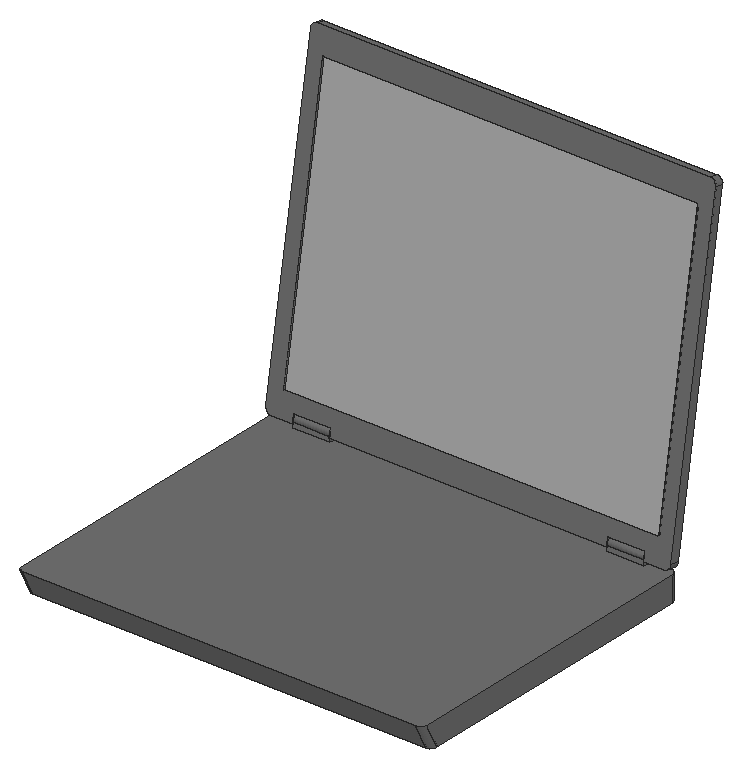
Revit family "Ноутбук", category Оборудование, Revit 2017
Family settings
  Размер круглого соединителя = Использовать диаметр
  Тип детали = Нормальный
  На основе рабочей плоскости = Нет
  Всегда вертикально = Да
  При загрузке вырезать с полостями = Нет
  Общий = Нет
  Точка расчета площади = Нет
Parameters (values of type "Тип")
  Общ_Тип, марка = ""
  Общ_Примечание ЭМ [instance] = ""
  Общ_Примечание КР [instance] = ""
  Общ_Примечание АР [instance] = ""
  Общ_Примечание = ""
  Общ_Поставщик = ""
  Общ_Позиция = ""
  Общ_Напряжение = 220 V
  Общ_Наименование = "Ноутбук"
  Общ_Мощность номинальная = 100 W
  Общ_Масса = ""
  Общ_Код продукции = ""
  Общ_Задание [instance] = "СС, ЭМ"
  Общ_Единицы измерения = "шт."
  Keynote = ""
  Model = ""
Reference planes
  plane 1 "По центру (Вперед/Назад)": y = 0
  plane 2: z = 0
  plane 3 "По центру (Влево/Вправо)": x = 0
Forms (mm)
  Blend 1, solid
    base sketch origin (0, 0, 0) x (1, 0, 0) y (0, 1, 0)
      loop
        arc (-160, 0) -> (-163.536, -1.464) -> (-165, -5) r 5
        line (-165, -5) -> (-165, -245)
        arc (-165, -245) -> (-163.536, -248.536) -> (-160, -250) r 5
        line (-160, -250) -> (160, -250)
        arc (160, -250) -> (163.536, -248.536) -> (165, -245) r 5
        line (165, -245) -> (165, -5)
        arc (165, -5) -> (163.536, -1.464) -> (160, 0) r 5
        line (160, 0) -> (-160, 0)
    top sketch origin (0, 0, 0) x (1, 0, 0) y (0, 1, 0)
      loop
        arc (-160, 0) -> (-163.536, -1.464) -> (-165, -5) r 5
        line (-165, -5) -> (-165, -255)
        arc (-165, -255) -> (-163.536, -258.536) -> (-160, -260) r 5
        line (-160, -260) -> (160, -260)
        arc (160, -260) -> (163.536, -258.536) -> (165, -255) r 5
        line (165, -255) -> (165, -5)
        arc (165, -5) -> (163.536, -1.464) -> (160, 0) r 5
        line (160, 0) -> (-160, 0)
    from 0 to 20
  Extrusion 2, solid
    sketch origin (0, 0.971, 28.862) x (0, -0.173648, -0.984808) y (-1, 0, 0)
      loop
        line (-263, 160) -> (-263, -160)
        arc (-263, -160) -> (-261.536, -163.536) -> (-258, -165) r 5
        line (-258, -165) -> (2, -165)
        arc (2, -165) -> (5.536, -163.536) -> (7, -160) r 5
        line (7, -160) -> (7, 160)
        arc (7, 160) -> (5.536, 163.536) -> (2, 165) r 5
        line (2, 165) -> (-258, 165)
        arc (-258, 165) -> (-261.536, 163.536) -> (-263, 160) r 5
    from 0 to -7
  Extrusion 3, void
    sketch origin (0, 0.971, 28.862) x (0, 0.173648, 0.984808) y (-1, 0, 0)
      loop
        line (243, 153) -> (13, 153) -> (13, -153) -> (243, -153) -> (243, 153)
    from 2 to 7
  Extrusion 4, solid
    sketch origin (0, 0.971, 28.862) x (0, -0.173648, -0.984808) y (-1, 0, 0)
      loop
        line (-243, 153) -> (-243, -153) -> (-13, -153) -> (-13, 153) -> (-243, 153)
    from -2 to -6
  Extrusion 5, void
    sketch origin (0, 0.971, 28.862) x (0, 0.173648, 0.984808) y (-1, 0, 0)
      loop
        line (0, 143) -> (-7, 143) -> (-7, 113) -> (0, 113) -> (0, 143)
      loop
        line (0, -113) -> (-7, -113) -> (-7, -143) -> (0, -143) -> (0, -113)
    from 0 to 7
  Extrusion 6, solid, detail levels medium+fine
    sketch origin (0, -4.238, -0.682) x (0, 0.984808, -0.173648) y (0, 0.173648, 0.984808)
      loop
        arc (-1.017, 23.845) -> (-3.476, 29.811) -> (-6.017, 23.879) r 3.5
        line (-6.017, 23.879) -> (-6.017, 20) -> (-1.017, 20) -> (-1.017, 23.845)
    from -143 to -113
  Extrusion 7, solid, detail levels medium+fine
    sketch origin (256, -4.238, -0.682) x (0, 0.984808, -0.173648) y (0, 0.173648, 0.984808)
      loop
        arc (-1.017, 23.845) -> (-3.476, 29.811) -> (-6.017, 23.879) r 3.5
        line (-6.017, 23.879) -> (-6.017, 20) -> (-1.017, 20) -> (-1.017, 23.845)
    from -143 to -113
Cuts and joins
  Extrusion 3, Extrusion 5 cuts Extrusion 2
Lines and regions (mm)
  model lines
    curve 1: line (140, -180, 20) -> (-140, -180, 20)
    curve 2: line (-145, -55, 20) -> (-145, -175, 20)
    curve 3: line (90, -50, 20) -> (-140, -50, 20)
    curve 4: line (90, -45, 20) -> (90, -50, 20)
    curve 5: line (145, -45, 20) -> (145, -175, 20)
    curve 6: line (140, -40, 20) -> (95, -40, 20)
    curve 7: arc (-140, -50, 20) -> (-143.536, -51.464, 20) -> (-145, -55, 20) r 5
    curve 8: arc (-145, -175, 20) -> (-143.536, -178.536, 20) -> (-140, -180, 20) r 5
    curve 9: arc (140, -180, 20) -> (143.536, -178.536, 20) -> (145, -175, 20) r 5
    curve 10: arc (140, -40, 20) -> (143.536, -41.464, 20) -> (145, -45, 20) r 5
    curve 11: arc (95, -40, 20) -> (91.464, -41.464, 20) -> (90, -45, 20) r 5
    curve 12: line (-30, -190, 20) -> (30, -190, 20)
    curve 13: line (-35, -245, 20) -> (-35, -195, 20)
    curve 14: line (30, -250, 20) -> (-30, -250, 20)
    curve 15: line (35, -195, 20) -> (35, -245, 20)
    curve 16: arc (-30, -190, 20) -> (-33.536, -191.464, 20) -> (-35, -195, 20) r 5
    curve 17: arc (30, -190, 20) -> (33.536, -191.464, 20) -> (35, -195, 20) r 5
    curve 18: arc (35, -245, 20) -> (33.536, -248.536, 20) -> (30, -250, 20) r 5
    curve 19: arc (-35, -245, 20) -> (-33.536, -248.536, 20) -> (-30, -250, 20) r 5
    curve 20: line (-35, -245, 20) -> (35, -245, 20)
    curve 21: line (-35, -237, 20) -> (35, -237, 20)
    curve 22: line (0, -237, 20) -> (0, -245, 20)
    curve 112: line (-143, -40, 20) -> (-113, -40, 20)
    curve 113: line (-143, -45.586, 20) -> (-143, -40, 20)
    curve 114: line (-113, -45.586, 20) -> (-143, -45.586, 20)
    curve 115: line (-113, -40, 20) -> (-113, -45.586, 20)
  model lines, detail levels fine
    curve 23: line (-142.5, -55, 20) -> (-142.5, -167.5, 20)
    curve 24: line (142.5, -42.5, 20) -> (142.5, -174.865, 20)
    curve 25: line (-142.5, -55, 20) -> (92.5, -55, 20)
    curve 26: line (-142.5, -67.5, 20) -> (142.5, -67.5, 20)
    curve 27: line (-142.5, -87.5, 20) -> (142.5, -87.5, 20)
    curve 28: line (-142.5, -107.5, 20) -> (142.5, -107.5, 20)
    curve 29: line (-142.5, -127.5, 20) -> (142.5, -127.5, 20)
    curve 30: line (-142.5, -147.5, 20) -> (142.5, -147.5, 20)
    curve 31: line (-142.5, -167.5, 20) -> (89.5, -167.5, 20)
    curve 32: line (-123.5, -67.5, 20) -> (-123.5, -87.5, 20)
    curve 33: line (-104.5, -67.5, 20) -> (-104.5, -87.5, 20)
    curve 34: line (-85.5, -67.5, 20) -> (-85.5, -87.5, 20)
    curve 35: line (-66.5, -67.5, 20) -> (-66.5, -87.5, 20)
    curve 36: line (-47.5, -67.5, 20) -> (-47.5, -87.5, 20)
    curve 37: line (-28.5, -67.5, 20) -> (-28.5, -87.5, 20)
    curve 38: line (-9.5, -67.5, 20) -> (-9.5, -87.5, 20)
    curve 39: line (9.5, -67.5, 20) -> (9.5, -87.5, 20)
    curve 40: line (28.5, -67.5, 20) -> (28.5, -87.5, 20)
    curve 41: line (47.5, -67.5, 20) -> (47.5, -87.5, 20)
    curve 42: line (66.5, -67.5, 20) -> (66.5, -87.5, 20)
    curve 43: line (85.5, -67.5, 20) -> (85.5, -87.5, 20)
    curve 44: line (104.5, -67.5, 20) -> (104.5, -87.5, 20)
    curve 45: line (-114, -87.5, 20) -> (-114, -107.5, 20)
    curve 46: line (-95, -87.5, 20) -> (-95, -107.5, 20)
    curve 47: line (-76, -87.5, 20) -> (-76, -107.5, 20)
    curve 48: line (-57, -87.5, 20) -> (-57, -107.5, 20)
    curve 49: line (-38, -87.5, 20) -> (-38, -107.5, 20)
    curve 50: line (-19, -87.5, 20) -> (-19, -107.5, 20)
    curve 51: line (0, -87.5, 20) -> (0, -107.5, 20)
    curve 52: line (19, -87.5, 20) -> (19, -107.5, 20)
    curve 53: line (38, -87.5, 20) -> (38, -107.5, 20)
    curve 54: line (57, -87.5, 20) -> (57, -107.5, 20)
    curve 55: line (76, -87.5, 20) -> (76, -107.5, 20)
    curve 56: line (95, -87.5, 20) -> (95, -107.5, 20)
    curve 57: line (114, -87.5, 20) -> (114, -107.5, 20)
    curve 58: line (-109, -107.5, 20) -> (-109, -127.5, 20)
    curve 59: line (-90, -107.5, 20) -> (-90, -127.5, 20)
    curve 60: line (-71, -107.5, 20) -> (-71, -127.5, 20)
    curve 61: line (-52, -107.5, 20) -> (-52, -127.5, 20)
    curve 62: line (-33, -107.5, 20) -> (-33, -127.5, 20)
    curve 63: line (-14, -107.5, 20) -> (-14, -127.5, 20)
    curve 64: line (5, -107.5, 20) -> (5, -127.5, 20)
    curve 65: line (24, -107.5, 20) -> (24, -127.5, 20)
    curve 66: line (43, -107.5, 20) -> (43, -127.5, 20)
    curve 67: line (62, -107.5, 20) -> (62, -127.5, 20)
    curve 68: line (81, -107.5, 20) -> (81, -127.5, 20)
    curve 69: line (100, -107.5, 20) -> (100, -127.5, 20)
    curve 70: line (-100.5, -127.5, 20) -> (-100.5, -147.5, 20)
    curve 71: line (-81.5, -127.5, 20) -> (-81.5, -147.5, 20)
    curve 72: line (-62.5, -127.5, 20) -> (-62.5, -147.5, 20)
    curve 73: line (-43.5, -127.5, 20) -> (-43.5, -147.5, 20)
    curve 74: line (-24.5, -127.5, 20) -> (-24.5, -147.5, 20)
    curve 75: line (-5.5, -127.5, 20) -> (-5.5, -147.5, 20)
    curve 76: line (13.5, -127.5, 20) -> (13.5, -147.5, 20)
    curve 77: line (32.5, -127.5, 20) -> (32.5, -147.5, 20)
    curve 78: line (51.5, -127.5, 20) -> (51.5, -147.5, 20)
    curve 79: line (70.5, -127.5, 20) -> (70.5, -147.5, 20)
    curve 80: line (89.5, -127.5, 20) -> (89.5, -147.5, 20)
    curve 81: line (-100.5, -147.5, 20) -> (-100.5, -167.5, 20)
    curve 82: line (-81.5, -147.5, 20) -> (-81.5, -167.5, 20)
    curve 83: line (-62.5, -147.5, 20) -> (-62.5, -167.5, 20)
    curve 84: line (51.5, -147.5, 20) -> (51.5, -167.5, 20)
    curve 85: line (70.5, -147.5, 20) -> (70.5, -167.5, 20)
    curve 86: line (89.5, -147.5, 20) -> (89.5, -174.865, 20)
    curve 87: line (-119.5, -147.5, 20) -> (-119.5, -167.5, 20)
    curve 88: line (142.5, -42.5, 20) -> (92.5, -42.5, 20)
    curve 89: line (92.5, -42.5, 20) -> (92.5, -67.5, 20)
    curve 90: line (92.5, -55, 20) -> (142.5, -55, 20)
    curve 91: line (109.5, -42.5, 20) -> (109.5, -67.5, 20)
    curve 92: line (126.5, -42.5, 20) -> (126.5, -67.5, 20)
    curve 93: line (92.5, -55, 20) -> (92.5, -67.5, 20)
    curve 94: line (-142.5, -55, 20) -> (-142.5, -67.5, 20)
    curve 95: line (74.423, -55, 20) -> (74.423, -67.5, 20)
    curve 96: line (56.346, -55, 20) -> (56.346, -67.5, 20)
    curve 97: line (38.269, -55, 20) -> (38.269, -67.5, 20)
    curve 98: line (20.192, -55, 20) -> (20.192, -67.5, 20)
    curve 99: line (2.115, -55, 20) -> (2.115, -67.5, 20)
    curve 100: line (-15.962, -55, 20) -> (-15.962, -67.5, 20)
    curve 101: line (-34.038, -55, 20) -> (-34.038, -67.5, 20)
    curve 102: line (-52.115, -55, 20) -> (-52.115, -67.5, 20)
    curve 103: line (-70.192, -55, 20) -> (-70.192, -67.5, 20)
    curve 104: line (-88.269, -55, 20) -> (-88.269, -67.5, 20)
    curve 105: line (-106.346, -55, 20) -> (-106.346, -67.5, 20)
    curve 106: line (-124.423, -55, 20) -> (-124.423, -67.5, 20)
    curve 107: line (107.027, -147.5, 20) -> (107.027, -174.865, 20)
    curve 108: line (89.5, -174.865, 20) -> (142.5, -174.865, 20)
    curve 109: line (124.464, -174.865, 20) -> (124.464, -147.5, 20)
    curve 110: line (124.464, -161.182, 20) -> (142.5, -161.182, 20)
    curve 111: line (124.464, -161.182, 20) -> (89.5, -161.182, 20)
Dimensions and locks
  locked: Blend 1 sketch curve to Blend 1 sketch curve (radius 5.0 mm)  (x8)
  locked: Extrusion 2 sketch curve to Extrusion 2 sketch curve (radius 5.0 mm)  (x4)
  aligned and locked: level to plane 2
